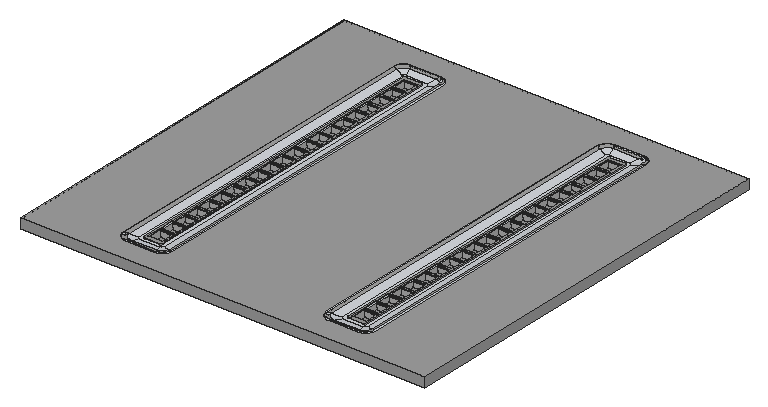
Revit family "0044008 Sylvania Lighting Fixture OptiClip 600 3000K C8 WH CC WHITE", category Lighting Fixtures, host Face, Revit 2016
Family settings
  Host = Face
  Part Type = Normal
  Round Connector Dimension = Use Diameter
  OmniClass Number = 23.80.70.00
  OmniClass Title = Lighting
  Cut with Voids When Loaded = No
  Light Source = Yes
  Shared = No
  Room Calculation Point = No
Parameters (values of type "Type Name")
  spacer height = 5 mm
  spacer centres = 1000 mm
  height = 14.63 mm
  cut out width = 590 mm
  cut out length = 590 mm
  Width = 595 mm
  Weight = ""
  Wattage Comments = ""
  Wattage = 9.2903 W
  WarrantyStartDate [instance] = "n/a"
  WarrantyGuarantorParts = "n/a"
  WarrantyDurationUnit = "n/a"
  WarrantyDurationParts = "n/a"
  WarrantyDescription = "n/a"
  built-in parameter 1150110 = 1 (stored number, unit not read)
  Voltage = 0 V
  URL = "http://www.feilosylvania.com"
  TypeName = ""
  Type Image = <None>
  Type Comments = "n/a"
  built-in parameter 1114217 = 1 (stored number, unit not read)
  Tilt Angle = 90.00°
  built-in parameter 1150109 = 1 (stored number, unit not read)
  built-in parameter 1150134 = 3
  built-in parameter 1150113 = 1 (stored number, unit not read)
  SerialNumber [instance] = "n/a"
  Photometric Web File = "0044008.ies"
  Material_3_FEILO = none
  PowerFactor = 0
  PowerConsumption = ""
  NominalLength = 0 mm
  NominalHeight = 0 mm
  NominalDepth = 0 mm
  Name = ""
  ModelReference = Name  # ""
  ModelNumber = ""
  Model = Name  # ""
  Material = ""
  ManufacturerName = "Feilo Sylvania"
  Manufacturer = "Feilo Sylvania"
  LuminousEfficacy = ""
  built-in parameter 1150105 = 109.82 (stored number, unit not read)
  Lumens = 1380 lm
  LuminaireType = ""
  built-in parameter 1150115 = 1 (stored number, unit not read)
  LightOutputRatio = ""
  built-in parameter 1150137 = (empty or 0)
  built-in parameter 1150139 = (empty or 0)
  Length = 595 mm
  LampsType = Lamp  # ""
  LampNominalLuminous = ""
  LampMacAdamStep = ""
  LampColourTemperature = ""
  LampColourRenderingIndex = ""
  built-in parameter 1150112 = 1 (stored number, unit not read)
  built-in parameter 1150114 = 1 (stored number, unit not read)
  Lamp = ""
  Keynote = "16500"
  InstallationDate [instance] = "n/a"
  InputVoltage = ""
  InputNominalFrequency = ""
  built-in parameter 1150132 = (empty or 0)
  built-in parameter 1150102 = (empty or 0)
  built-in parameter 1150107 = 3200 (stored number, unit not read)
  built-in parameter 1150138 = (empty or 0)
  IngressProtection = ""
  ImpactProtectionIndex = ""
  built-in parameter 1150106 = 1.0982 (stored number, unit not read)
  IfcExportType = "IfcLightFixtureType"
  IfcExportAs = "IfcLightFixtureType"
  Height = 50 mm
  ExpectedLife = 50000
  Emit from Circle Diameter = 609.6 mm
  Emit Shape Visible in Rendering = no
  ElectricShockClassification = ""
  built-in parameter 1150104 = 13.8 (stored number, unit not read)
  DurationUnit = "hours"
  DocumentationLiterature = ""
  DimmingControlOptions = ""
  Material_2_FEILO = none
  Dimming Lamp Color Temperature Shift = <None>
  Description = ""
  Default Elevation = 1219.2 mm
  CreatedOn = ""
  CreatedBy = ""
  Cost = 0
  Color Filter = 16777215
  built-in parameter 1114216 [instance] = (empty or 0)
  ClassificationValue = "EF_70_80"
  ClassificationName = "Uniclass2015"
  Material_1_FEILO = none
  BarCode [instance] = "n/a"
  built-in parameter 1114218 = 1 (stored number, unit not read)
  built-in parameter 1150133 = 10 (stored number, unit not read)
  AssetType = ""
  AssetIdentifier [instance] = "n/a"
  Assembly Code = "D5020200"
  Apparent Load = 0 VA
  Material_4_FEILO = none
Reference planes
  plane 1 "Center (Front/Back)": y = 0
  plane 2: z = 0
  plane 3 "Center (Left/Right)": x = 0
  plane 4: z = 0
  plane 5: y = 297.5
  plane 6: y = -297.5
  plane 7: x = -297.5
  plane 8: x = 297.5
  plane 9: x = -295
  plane 10: x = 295
  plane 11: y = 295
  plane 12: y = -295
  plane 13: z = -14.63
  plane 14: y = 296.5
  plane 15: x = -296.5
  plane 16: x = 296.5
  plane 17: y = -296.5
  plane 18: x = -185
  plane 19: x = -113
  plane 20: y = -246.5
  plane 21: x = -184
  plane 22: y = 262
  plane 23: x = -114
  plane 24: y = -262
  plane 25: y = 245.5
  plane 26: y = -245.345
  plane 27: x = -160
  plane 28: x = -138
  plane 29: y = 236.5
  plane 30: y = -236.345
  plane 31: y = 213.35
  plane 32: y = 212.35
  plane 33: y = 190.95
  plane 34: y = 189.95
  plane 35: y = 168.595
  plane 36: y = 167.595
  plane 37: y = 146.15
  plane 38: y = 145.15
  plane 39: y = 123.75
  plane 40: y = 122.75
  plane 41: y = 101.35
  plane 42: y = 100.35
  plane 43: y = 78.95
  plane 44: y = 77.95
  plane 45: y = 56.576
  plane 46: y = 55.576
  plane 47: y = 34.15
  plane 48: y = 33.15
  plane 49: y = 11.75
  plane 50: y = 10.75
  plane 51: y = -10.65
  plane 52: y = -11.65
  plane 53: y = -33.05
  plane 54: y = -34.05
  plane 55: y = -55.45
  plane 56: y = -56.45
  plane 57: y = -77.805
  plane 58: y = -78.805
  plane 59: y = -100.25
  plane 60: y = -101.25
  plane 61: y = -122.65
  plane 62: y = -123.65
  plane 63: y = -145.05
  plane 64: y = -146.05
  plane 65: y = -167.45
  plane 66: y = -168.416
  plane 67: y = -189.816
  plane 68: y = -190.816
  plane 69: y = -212.216
  plane 70: y = -213.216
  plane 71: y = -234.616
  plane 72: x = -159.5
  plane 73: x = -138.539
  plane 74: y = 230.05
  plane 75: y = 218.05
  plane 76: x = -143.039
  plane 77: x = -155
  plane 78: x = -162.5
  plane 79: x = -135.5
  plane 80: y = 240.5
  plane 81: y = -240.345
  plane 82: y = 238
Forms (mm)
  Extrusion 1, void, detail levels medium+fine
    sketch origin (4.2, 0, 0) x (0, 1, 0) y (1, 0, 0)
      loop
        line (295, -299.2) -> (295, 290.8) -> (-295, 290.8) -> (-295, -299.2) -> (295, -299.2)
    from 0 to 10
  Extrusion 2, solid, material "Default", detail levels medium+fine
    sketch origin (4.2, 0, 0) x (1, 0, 0) y (0, 1, 0)
      loop
        line (-301.7, 297.5) -> (-301.7, -297.5) -> (293.3, -297.5) -> (293.3, 297.5) -> (-301.7, 297.5)
    from 0 to -14.63
  Extrusion 3, void, detail levels medium+fine
    sketch origin (4.2, 0, 0) x (0, 1, 0) y (1, 0, 0)
      loop
        line (296.5, -300.7) -> (296.5, 292.3) -> (-296.5, 292.3) -> (-296.5, -300.7) -> (296.5, -300.7)
    from 1.008 to 14.63
  Blend 4, solid, detail levels medium+fine
    base sketch origin (4.2, 0, 0) x (1, 0, 0) y (0, 1, 0)
      loop
        line (-189.2, 248) -> (-189.2, -248)
        arc (-189.2, -248) -> (-184.807, -258.607) -> (-174.2, -263) r 15
        line (-174.2, -263) -> (-132.2, -263)
        arc (-132.2, -263) -> (-121.593, -258.607) -> (-117.2, -248) r 15
        line (-117.2, -248) -> (-117.2, 248)
        arc (-117.2, 248) -> (-121.593, 258.607) -> (-132.2, 263) r 15
        line (-132.2, 263) -> (-174.2, 263)
        arc (-174.2, 263) -> (-184.807, 258.607) -> (-189.2, 248) r 15
    top sketch origin (4.2, 0, 0) x (1, 0, 0) y (0, 1, 0)
      loop
        line (-172.7, 242.5) -> (-172.7, -242.5)
        arc (-172.7, -242.5) -> (-171.517, -245.34) -> (-168.667, -246.5) r 4
        line (-168.667, -246.5) -> (-137.633, -246.5)
        arc (-137.633, -246.5) -> (-134.828, -245.324) -> (-133.7, -242.5) r 3.934
        line (-133.7, -242.5) -> (-133.7, 242.5)
        arc (-133.7, 242.5) -> (-134.982, 245.439) -> (-138.008, 246.5) r 4.011
        line (-138.008, 246.5) -> (-168.7, 246.5)
        arc (-168.7, 246.5) -> (-171.528, 245.328) -> (-172.7, 242.5) r 4
    from 0 to -4
  Blend 5, void
    base sketch origin (4.2, 0, 0) x (0, 1, 0) y (-1, 0, 0)
      loop
        line (248, 188.2) -> (-248, 188.2)
        arc (-248, 188.2) -> (-257.899, 184.099) -> (-262, 174.2) r 14
        line (-262, 174.2) -> (-262, 132.2)
        arc (-262, 132.2) -> (-257.899, 122.301) -> (-248, 118.2) r 14
        line (-248, 118.2) -> (248, 118.2)
        arc (248, 118.2) -> (257.899, 122.301) -> (262, 132.2) r 14
        line (262, 132.2) -> (262, 174.2)
        arc (262, 174.2) -> (257.899, 184.099) -> (248, 188.2) r 14
    top sketch origin (4.2, 0, 0) x (0, 1, 0) y (-1, 0, 0)
      loop
        line (242.5, 171.7) -> (-242.5, 171.7)
        arc (-242.5, 171.7) -> (-244.579, 170.8) -> (-245.345, 168.667) r 2.851
        line (-245.345, 168.667) -> (-245.345, 137.633)
        arc (-245.345, 137.633) -> (-244.517, 135.59) -> (-242.5, 134.7) r 2.934
        line (-242.5, 134.7) -> (242.5, 134.7)
        arc (242.5, 134.7) -> (244.733, 135.69) -> (245.5, 138.008) r 3.014
        line (245.5, 138.008) -> (245.5, 168.7)
        arc (245.5, 168.7) -> (244.621, 170.821) -> (242.5, 171.7) r 3
    from 0 to -3.5
  Extrusion 6, solid, material "Aluminum 1100-H18", detail levels medium+fine
    sketch origin (4.2, 0, 0) x (1, 0, 0) y (0, 1, 0)
      loop
        line (-164.2, 236.5) -> (-164.2, -236.345) -> (-142.2, -236.345) -> (-142.2, 236.5) -> (-164.2, 236.5)
    from -4 to -14.63
  Extrusion 7, solid, material "Aluminum 1100-H18", detail levels medium+fine
    sketch origin (4.2, 0, 0) x (1, 0, 0) y (0, 1, 0)
      loop
        line (-166.7, 238) -> (-166.7, -238.071)
        arc (-166.7, -238.071) -> (-165.953, -239.761) -> (-164.2, -240.345) r 2.284
        line (-164.2, -240.345) -> (-142.156, -240.345)
        arc (-142.156, -240.345) -> (-140.483, -239.689) -> (-139.7, -238.071) r 2.464
        line (-139.7, -238.071) -> (-139.7, 238)
        arc (-139.7, 238) -> (-140.432, 239.768) -> (-142.2, 240.5) r 2.5
        line (-142.2, 240.5) -> (-164.2, 240.5)
        arc (-164.2, 240.5) -> (-165.968, 239.768) -> (-166.7, 238) r 2.5
    from -3.5 to -2.5
  Blend 8, void
    base sketch origin (4.2, 0, 0) x (0, 1, 0) y (-1, 0, 0)
      loop
        line (234.75, 163.7) -> (213.35, 163.7) -> (213.35, 142.739) -> (234.75, 142.739) -> (234.75, 163.7)
    top sketch origin (4.2, 0, 0) x (0, 1, 0) y (-1, 0, 0)
      loop
        line (230.05, 159.2) -> (218.05, 159.2) -> (218.05, 147.239) -> (230.05, 147.239) -> (230.05, 159.2)
    from -2.5 to -11
  Blend 9, void
    base sketch origin (4.2, -22.4, 0) x (0, 1, 0) y (-1, 0, 0)
      loop
        line (234.75, 163.7) -> (213.35, 163.7) -> (213.35, 142.739) -> (234.75, 142.739) -> (234.75, 163.7)
    top sketch origin (4.2, -22.4, 0) x (0, 1, 0) y (-1, 0, 0)
      loop
        line (230.05, 159.2) -> (218.05, 159.2) -> (218.05, 147.239) -> (230.05, 147.239) -> (230.05, 159.2)
    from -2.5 to -11
  Blend 10, void
    base sketch origin (4.2, -44.8, 0) x (0, 1, 0) y (-1, 0, 0)
      loop
        line (234.75, 163.7) -> (213.35, 163.7) -> (213.35, 142.739) -> (234.75, 142.739) -> (234.75, 163.7)
    top sketch origin (4.2, -44.8, 0) x (0, 1, 0) y (-1, 0, 0)
      loop
        line (230.05, 159.2) -> (218.05, 159.2) -> (218.05, 147.239) -> (230.05, 147.239) -> (230.05, 159.2)
    from -2.5 to -11
  Blend 11, void
    base sketch origin (4.2, -67.155, 0) x (0, 1, 0) y (-1, 0, 0)
      loop
        line (234.75, 163.7) -> (213.35, 163.7) -> (213.35, 142.739) -> (234.75, 142.739) -> (234.75, 163.7)
    top sketch origin (4.2, -67.155, 0) x (0, 1, 0) y (-1, 0, 0)
      loop
        line (230.05, 159.2) -> (218.05, 159.2) -> (218.05, 147.239) -> (230.05, 147.239) -> (230.05, 159.2)
    from -2.5 to -11
  Blend 12, void
    base sketch origin (4.2, -89.6, 0) x (0, 1, 0) y (-1, 0, 0)
      loop
        line (234.75, 163.7) -> (213.35, 163.7) -> (213.35, 142.739) -> (234.75, 142.739) -> (234.75, 163.7)
    top sketch origin (4.2, -89.6, 0) x (0, 1, 0) y (-1, 0, 0)
      loop
        line (230.05, 159.2) -> (218.05, 159.2) -> (218.05, 147.239) -> (230.05, 147.239) -> (230.05, 159.2)
    from -2.5 to -11
  Blend 13, void
    base sketch origin (4.2, -112, 0) x (0, 1, 0) y (-1, 0, 0)
      loop
        line (234.75, 163.7) -> (213.35, 163.7) -> (213.35, 142.739) -> (234.75, 142.739) -> (234.75, 163.7)
    top sketch origin (4.2, -112, 0) x (0, 1, 0) y (-1, 0, 0)
      loop
        line (230.05, 159.2) -> (218.05, 159.2) -> (218.05, 147.239) -> (230.05, 147.239) -> (230.05, 159.2)
    from -2.5 to -11
  Blend 14, void
    base sketch origin (4.2, -134.4, 0) x (0, 1, 0) y (-1, 0, 0)
      loop
        line (234.75, 163.7) -> (213.35, 163.7) -> (213.35, 142.739) -> (234.75, 142.739) -> (234.75, 163.7)
    top sketch origin (4.2, -134.4, 0) x (0, 1, 0) y (-1, 0, 0)
      loop
        line (230.05, 159.2) -> (218.05, 159.2) -> (218.05, 147.239) -> (230.05, 147.239) -> (230.05, 159.2)
    from -2.5 to -11
  Blend 15, void
    base sketch origin (4.2, -156.8, 0) x (0, 1, 0) y (-1, 0, 0)
      loop
        line (234.75, 163.7) -> (213.35, 163.7) -> (213.35, 142.739) -> (234.75, 142.739) -> (234.75, 163.7)
    top sketch origin (4.2, -156.8, 0) x (0, 1, 0) y (-1, 0, 0)
      loop
        line (230.05, 159.2) -> (218.05, 159.2) -> (218.05, 147.239) -> (230.05, 147.239) -> (230.05, 159.2)
    from -2.5 to -11
  Blend 16, void
    base sketch origin (4.2, -179.174, 0) x (0, 1, 0) y (-1, 0, 0)
      loop
        line (234.75, 163.7) -> (213.35, 163.7) -> (213.35, 142.739) -> (234.75, 142.739) -> (234.75, 163.7)
    top sketch origin (4.2, -179.174, 0) x (0, 1, 0) y (-1, 0, 0)
      loop
        line (230.05, 159.2) -> (218.05, 159.2) -> (218.05, 147.239) -> (230.05, 147.239) -> (230.05, 159.2)
    from -2.5 to -11
  Blend 17, void
    base sketch origin (4.2, -201.6, 0) x (0, 1, 0) y (-1, 0, 0)
      loop
        line (234.75, 163.7) -> (213.35, 163.7) -> (213.35, 142.739) -> (234.75, 142.739) -> (234.75, 163.7)
    top sketch origin (4.2, -201.6, 0) x (0, 1, 0) y (-1, 0, 0)
      loop
        line (230.05, 159.2) -> (218.05, 159.2) -> (218.05, 147.239) -> (230.05, 147.239) -> (230.05, 159.2)
    from -2.5 to -11
  Blend 18, void
    base sketch origin (4.2, -224, 0) x (0, 1, 0) y (-1, 0, 0)
      loop
        line (234.75, 163.7) -> (213.35, 163.7) -> (213.35, 142.739) -> (234.75, 142.739) -> (234.75, 163.7)
    top sketch origin (4.2, -224, 0) x (0, 1, 0) y (-1, 0, 0)
      loop
        line (230.05, 159.2) -> (218.05, 159.2) -> (218.05, 147.239) -> (230.05, 147.239) -> (230.05, 159.2)
    from -2.5 to -11
  Blend 19, void
    base sketch origin (4.2, -246.4, 0) x (0, 1, 0) y (-1, 0, 0)
      loop
        line (234.75, 163.7) -> (213.35, 163.7) -> (213.35, 142.739) -> (234.75, 142.739) -> (234.75, 163.7)
    top sketch origin (4.2, -246.4, 0) x (0, 1, 0) y (-1, 0, 0)
      loop
        line (230.05, 159.2) -> (218.05, 159.2) -> (218.05, 147.239) -> (230.05, 147.239) -> (230.05, 159.2)
    from -2.5 to -11
  Blend 20, void
    base sketch origin (4.2, -268.8, 0) x (0, 1, 0) y (-1, 0, 0)
      loop
        line (234.75, 163.7) -> (213.35, 163.7) -> (213.35, 142.739) -> (234.75, 142.739) -> (234.75, 163.7)
    top sketch origin (4.2, -268.8, 0) x (0, 1, 0) y (-1, 0, 0)
      loop
        line (230.05, 159.2) -> (218.05, 159.2) -> (218.05, 147.239) -> (230.05, 147.239) -> (230.05, 159.2)
    from -2.5 to -11
  Blend 21, void
    base sketch origin (4.2, -291.2, 0) x (0, 1, 0) y (-1, 0, 0)
      loop
        line (234.75, 163.7) -> (213.35, 163.7) -> (213.35, 142.739) -> (234.75, 142.739) -> (234.75, 163.7)
    top sketch origin (4.2, -291.2, 0) x (0, 1, 0) y (-1, 0, 0)
      loop
        line (230.05, 159.2) -> (218.05, 159.2) -> (218.05, 147.239) -> (230.05, 147.239) -> (230.05, 159.2)
    from -2.5 to -11
  Blend 22, void
    base sketch origin (4.2, -313.555, 0) x (0, 1, 0) y (-1, 0, 0)
      loop
        line (234.75, 163.7) -> (213.35, 163.7) -> (213.35, 142.739) -> (234.75, 142.739) -> (234.75, 163.7)
    top sketch origin (4.2, -313.555, 0) x (0, 1, 0) y (-1, 0, 0)
      loop
        line (230.05, 159.2) -> (218.05, 159.2) -> (218.05, 147.239) -> (230.05, 147.239) -> (230.05, 159.2)
    from -2.5 to -11
  Blend 23, void
    base sketch origin (4.2, -336, 0) x (0, 1, 0) y (-1, 0, 0)
      loop
        line (234.75, 163.7) -> (213.35, 163.7) -> (213.35, 142.739) -> (234.75, 142.739) -> (234.75, 163.7)
    top sketch origin (4.2, -336, 0) x (0, 1, 0) y (-1, 0, 0)
      loop
        line (230.05, 159.2) -> (218.05, 159.2) -> (218.05, 147.239) -> (230.05, 147.239) -> (230.05, 159.2)
    from -2.5 to -11
  Blend 24, void
    base sketch origin (4.2, -358.4, 0) x (0, 1, 0) y (-1, 0, 0)
      loop
        line (234.75, 163.7) -> (213.35, 163.7) -> (213.35, 142.739) -> (234.75, 142.739) -> (234.75, 163.7)
    top sketch origin (4.2, -358.4, 0) x (0, 1, 0) y (-1, 0, 0)
      loop
        line (230.05, 159.2) -> (218.05, 159.2) -> (218.05, 147.239) -> (230.05, 147.239) -> (230.05, 159.2)
    from -2.5 to -11
  Blend 25, void
    base sketch origin (4.2, -380.8, 0) x (0, 1, 0) y (-1, 0, 0)
      loop
        line (234.75, 163.7) -> (213.35, 163.7) -> (213.35, 142.739) -> (234.75, 142.739) -> (234.75, 163.7)
    top sketch origin (4.2, -380.8, 0) x (0, 1, 0) y (-1, 0, 0)
      loop
        line (230.05, 159.2) -> (218.05, 159.2) -> (218.05, 147.239) -> (230.05, 147.239) -> (230.05, 159.2)
    from -2.5 to -11
  Extrusion 26, solid, material "Glass, White, High Luminance", detail levels fine
    sketch origin (4.2, 0, 0) x (1, 0, 0) y (0, 1, 0)
      loop
        line (-159.2, 230.05) -> (-159.2, 218.05) -> (-147.239, 218.05) -> (-147.239, 230.05) -> (-159.2, 230.05)
    from -11 to -10
  Extrusion 27, solid, material "Glass, White, High Luminance", detail levels fine
    sketch origin (4.2, -22.4, 0) x (1, 0, 0) y (0, 1, 0)
      loop
        line (-159.2, 230.05) -> (-159.2, 218.05) -> (-147.239, 218.05) -> (-147.239, 230.05) -> (-159.2, 230.05)
    from -11 to -10
  Extrusion 28, solid, material "Glass, White, High Luminance", detail levels fine
    sketch origin (4.2, -44.8, 0) x (1, 0, 0) y (0, 1, 0)
      loop
        line (-159.2, 230.05) -> (-159.2, 218.05) -> (-147.239, 218.05) -> (-147.239, 230.05) -> (-159.2, 230.05)
    from -11 to -10
  Extrusion 29, solid, material "Glass, White, High Luminance", detail levels fine
    sketch origin (4.2, -67.155, 0) x (1, 0, 0) y (0, 1, 0)
      loop
        line (-159.2, 230.05) -> (-159.2, 218.05) -> (-147.239, 218.05) -> (-147.239, 230.05) -> (-159.2, 230.05)
    from -11 to -10
  Extrusion 30, solid, material "Glass, White, High Luminance", detail levels fine
    sketch origin (4.2, -89.6, 0) x (1, 0, 0) y (0, 1, 0)
      loop
        line (-159.2, 230.05) -> (-159.2, 218.05) -> (-147.239, 218.05) -> (-147.239, 230.05) -> (-159.2, 230.05)
    from -11 to -10
  Extrusion 31, solid, material "Glass, White, High Luminance", detail levels fine
    sketch origin (4.2, -112, 0) x (1, 0, 0) y (0, 1, 0)
      loop
        line (-159.2, 230.05) -> (-159.2, 218.05) -> (-147.239, 218.05) -> (-147.239, 230.05) -> (-159.2, 230.05)
    from -11 to -10
  Extrusion 32, solid, material "Glass, White, High Luminance", detail levels fine
    sketch origin (4.2, -134.4, 0) x (1, 0, 0) y (0, 1, 0)
      loop
        line (-159.2, 230.05) -> (-159.2, 218.05) -> (-147.239, 218.05) -> (-147.239, 230.05) -> (-159.2, 230.05)
    from -11 to -10
  Extrusion 33, solid, material "Glass, White, High Luminance", detail levels fine
    sketch origin (4.2, -156.8, 0) x (1, 0, 0) y (0, 1, 0)
      loop
        line (-159.2, 230.05) -> (-159.2, 218.05) -> (-147.239, 218.05) -> (-147.239, 230.05) -> (-159.2, 230.05)
    from -11 to -10
  Extrusion 34, solid, material "Glass, White, High Luminance", detail levels fine
    sketch origin (4.2, -179.174, 0) x (1, 0, 0) y (0, 1, 0)
      loop
        line (-159.2, 230.05) -> (-159.2, 218.05) -> (-147.239, 218.05) -> (-147.239, 230.05) -> (-159.2, 230.05)
    from -11 to -10
  Extrusion 35, solid, material "Glass, White, High Luminance", detail levels fine
    sketch origin (4.2, -201.6, 0) x (1, 0, 0) y (0, 1, 0)
      loop
        line (-159.2, 230.05) -> (-159.2, 218.05) -> (-147.239, 218.05) -> (-147.239, 230.05) -> (-159.2, 230.05)
    from -11 to -10
  Extrusion 36, solid, material "Glass, White, High Luminance", detail levels fine
    sketch origin (4.2, -224, 0) x (1, 0, 0) y (0, 1, 0)
      loop
        line (-159.2, 230.05) -> (-159.2, 218.05) -> (-147.239, 218.05) -> (-147.239, 230.05) -> (-159.2, 230.05)
    from -11 to -10
  Extrusion 37, solid, material "Glass, White, High Luminance", detail levels fine
    sketch origin (4.2, -246.4, 0) x (1, 0, 0) y (0, 1, 0)
      loop
        line (-159.2, 230.05) -> (-159.2, 218.05) -> (-147.239, 218.05) -> (-147.239, 230.05) -> (-159.2, 230.05)
    from -11 to -10
  Extrusion 38, solid, material "Glass, White, High Luminance", detail levels fine
    sketch origin (4.2, -268.8, 0) x (1, 0, 0) y (0, 1, 0)
      loop
        line (-159.2, 230.05) -> (-159.2, 218.05) -> (-147.239, 218.05) -> (-147.239, 230.05) -> (-159.2, 230.05)
    from -11 to -10
  Extrusion 39, solid, material "Glass, White, High Luminance", detail levels fine
    sketch origin (4.2, -291.2, 0) x (1, 0, 0) y (0, 1, 0)
      loop
        line (-159.2, 230.05) -> (-159.2, 218.05) -> (-147.239, 218.05) -> (-147.239, 230.05) -> (-159.2, 230.05)
    from -11 to -10
  Extrusion 40, solid, material "Glass, White, High Luminance", detail levels fine
    sketch origin (4.2, -313.555, 0) x (1, 0, 0) y (0, 1, 0)
      loop
        line (-159.2, 230.05) -> (-159.2, 218.05) -> (-147.239, 218.05) -> (-147.239, 230.05) -> (-159.2, 230.05)
    from -11 to -10
  Extrusion 41, solid, material "Glass, White, High Luminance", detail levels fine
    sketch origin (4.2, -336, 0) x (1, 0, 0) y (0, 1, 0)
      loop
        line (-159.2, 230.05) -> (-159.2, 218.05) -> (-147.239, 218.05) -> (-147.239, 230.05) -> (-159.2, 230.05)
    from -11 to -10
  Extrusion 42, solid, material "Glass, White, High Luminance", detail levels fine
    sketch origin (4.2, -358.4, 0) x (1, 0, 0) y (0, 1, 0)
      loop
        line (-159.2, 230.05) -> (-159.2, 218.05) -> (-147.239, 218.05) -> (-147.239, 230.05) -> (-159.2, 230.05)
    from -11 to -10
  Extrusion 43, solid, material "Glass, White, High Luminance", detail levels fine
    sketch origin (4.2, -380.8, 0) x (1, 0, 0) y (0, 1, 0)
      loop
        line (-159.2, 230.05) -> (-159.2, 218.05) -> (-147.239, 218.05) -> (-147.239, 230.05) -> (-159.2, 230.05)
    from -11 to -10
  Extrusion 44, solid, material "Glass, White, High Luminance", detail levels fine
    sketch origin (3.419, -403.166, 0) x (1, 0, 0) y (0, 1, 0)
      loop
        line (-158.419, 230.05) -> (-158.419, 218.05) -> (-146.458, 218.05) -> (-146.458, 230.05) -> (-158.419, 230.05)
    from -11 to -10
  Extrusion 45, solid, material "Glass, White, High Luminance", detail levels fine
    sketch origin (3.419, -425.566, 0) x (1, 0, 0) y (0, 1, 0)
      loop
        line (-158.419, 230.05) -> (-158.419, 218.05) -> (-146.458, 218.05) -> (-146.458, 230.05) -> (-158.419, 230.05)
    from -11 to -10
  Extrusion 46, solid, material "Glass, White, High Luminance", detail levels fine
    sketch origin (3.419, -447.966, 0) x (1, 0, 0) y (0, 1, 0)
      loop
        line (-158.419, 230.05) -> (-158.419, 218.05) -> (-146.458, 218.05) -> (-146.458, 230.05) -> (-158.419, 230.05)
    from -11 to -10
  Blend 47, solid, detail levels medium+fine
    base sketch origin (303.2, 0, 0) x (1, 0, 0) y (0, 1, 0)
      loop
        line (-189.2, 248) -> (-189.2, -248)
        arc (-189.2, -248) -> (-184.807, -258.607) -> (-174.2, -263) r 15
        line (-174.2, -263) -> (-132.2, -263)
        arc (-132.2, -263) -> (-121.593, -258.607) -> (-117.2, -248) r 15
        line (-117.2, -248) -> (-117.2, 248)
        arc (-117.2, 248) -> (-121.593, 258.607) -> (-132.2, 263) r 15
        line (-132.2, 263) -> (-174.2, 263)
        arc (-174.2, 263) -> (-184.807, 258.607) -> (-189.2, 248) r 15
    top sketch origin (303.2, 0, 0) x (1, 0, 0) y (0, 1, 0)
      loop
        line (-172.7, 242.5) -> (-172.7, -242.5)
        arc (-172.7, -242.5) -> (-171.517, -245.34) -> (-168.667, -246.5) r 4
        line (-168.667, -246.5) -> (-137.633, -246.5)
        arc (-137.633, -246.5) -> (-134.828, -245.324) -> (-133.7, -242.5) r 3.934
        line (-133.7, -242.5) -> (-133.7, 242.5)
        arc (-133.7, 242.5) -> (-134.982, 245.439) -> (-138.008, 246.5) r 4.011
        line (-138.008, 246.5) -> (-168.7, 246.5)
        arc (-168.7, 246.5) -> (-171.528, 245.328) -> (-172.7, 242.5) r 4
    from 0 to -4
  Blend 48, void
    base sketch origin (303.2, 0, 0) x (0, 1, 0) y (-1, 0, 0)
      loop
        line (248, 188.2) -> (-248, 188.2)
        arc (-248, 188.2) -> (-257.899, 184.099) -> (-262, 174.2) r 14
        line (-262, 174.2) -> (-262, 132.2)
        arc (-262, 132.2) -> (-257.899, 122.301) -> (-248, 118.2) r 14
        line (-248, 118.2) -> (248, 118.2)
        arc (248, 118.2) -> (257.899, 122.301) -> (262, 132.2) r 14
        line (262, 132.2) -> (262, 174.2)
        arc (262, 174.2) -> (257.899, 184.099) -> (248, 188.2) r 14
    top sketch origin (303.2, 0, 0) x (0, 1, 0) y (-1, 0, 0)
      loop
        line (242.5, 171.7) -> (-242.5, 171.7)
        arc (-242.5, 171.7) -> (-244.579, 170.8) -> (-245.345, 168.667) r 2.851
        line (-245.345, 168.667) -> (-245.345, 137.633)
        arc (-245.345, 137.633) -> (-244.517, 135.59) -> (-242.5, 134.7) r 2.934
        line (-242.5, 134.7) -> (242.5, 134.7)
        arc (242.5, 134.7) -> (244.733, 135.69) -> (245.5, 138.008) r 3.014
        line (245.5, 138.008) -> (245.5, 168.7)
        arc (245.5, 168.7) -> (244.621, 170.821) -> (242.5, 171.7) r 3
    from 0 to -3.5
  Extrusion 49, solid, material "Aluminum 1100-H18", detail levels medium+fine
    sketch origin (304.2, 0, 0) x (1, 0, 0) y (0, 1, 0)
      loop
        line (-164.2, 236.5) -> (-164.2, -236.345) -> (-142.2, -236.345) -> (-142.2, 236.5) -> (-164.2, 236.5)
    from -4 to -14.63
  Blend 50, void
    base sketch origin (4.2, -403.166, 0) x (0, 1, 0) y (-1, 0, 0)
      loop
        line (234.75, 163.7) -> (213.35, 163.7) -> (213.35, 142.739) -> (234.75, 142.739) -> (234.75, 163.7)
    top sketch origin (4.2, -403.166, 0) x (0, 1, 0) y (-1, 0, 0)
      loop
        line (230.05, 159.2) -> (218.05, 159.2) -> (218.05, 147.239) -> (230.05, 147.239) -> (230.05, 159.2)
    from -2.5 to -11
  Blend 51, void
    base sketch origin (4.2, -425.566, 0) x (0, 1, 0) y (-1, 0, 0)
      loop
        line (234.75, 163.7) -> (213.35, 163.7) -> (213.35, 142.739) -> (234.75, 142.739) -> (234.75, 163.7)
    top sketch origin (4.2, -425.566, 0) x (0, 1, 0) y (-1, 0, 0)
      loop
        line (230.05, 159.2) -> (218.05, 159.2) -> (218.05, 147.239) -> (230.05, 147.239) -> (230.05, 159.2)
    from -2.5 to -11
  Blend 52, void
    base sketch origin (4.2, -447.966, 0) x (0, 1, 0) y (-1, 0, 0)
      loop
        line (234.75, 163.7) -> (213.35, 163.7) -> (213.35, 142.739) -> (234.75, 142.739) -> (234.75, 163.7)
    top sketch origin (4.2, -447.966, 0) x (0, 1, 0) y (-1, 0, 0)
      loop
        line (230.05, 159.2) -> (218.05, 159.2) -> (218.05, 147.239) -> (230.05, 147.239) -> (230.05, 159.2)
    from -2.5 to -11
  Extrusion 53, solid, material "Aluminum 1100-H18", detail levels medium+fine
    sketch origin (304.2, 0, 0) x (1, 0, 0) y (0, 1, 0)
      loop
        line (-166.7, 238) -> (-166.7, -238.071)
        arc (-166.7, -238.071) -> (-165.953, -239.761) -> (-164.2, -240.345) r 2.284
        line (-164.2, -240.345) -> (-142.156, -240.345)
        arc (-142.156, -240.345) -> (-140.483, -239.689) -> (-139.7, -238.071) r 2.464
        line (-139.7, -238.071) -> (-139.7, 238)
        arc (-139.7, 238) -> (-140.432, 239.768) -> (-142.2, 240.5) r 2.5
        line (-142.2, 240.5) -> (-164.2, 240.5)
        arc (-164.2, 240.5) -> (-165.968, 239.768) -> (-166.7, 238) r 2.5
    from -3.5 to -2.5
  Blend 54, void
    base sketch origin (304.2, 0, 0) x (0, 1, 0) y (-1, 0, 0)
      loop
        line (234.75, 163.7) -> (213.35, 163.7) -> (213.35, 142.739) -> (234.75, 142.739) -> (234.75, 163.7)
    top sketch origin (304.2, 0, 0) x (0, 1, 0) y (-1, 0, 0)
      loop
        line (230.05, 159.2) -> (218.05, 159.2) -> (218.05, 147.239) -> (230.05, 147.239) -> (230.05, 159.2)
    from -2.5 to -11
  Blend 55, void
    base sketch origin (304.2, -22.4, 0) x (0, 1, 0) y (-1, 0, 0)
      loop
        line (234.75, 163.7) -> (213.35, 163.7) -> (213.35, 142.739) -> (234.75, 142.739) -> (234.75, 163.7)
    top sketch origin (304.2, -22.4, 0) x (0, 1, 0) y (-1, 0, 0)
      loop
        line (230.05, 159.2) -> (218.05, 159.2) -> (218.05, 147.239) -> (230.05, 147.239) -> (230.05, 159.2)
    from -2.5 to -11
  Blend 56, void
    base sketch origin (304.2, -44.8, 0) x (0, 1, 0) y (-1, 0, 0)
      loop
        line (234.75, 163.7) -> (213.35, 163.7) -> (213.35, 142.739) -> (234.75, 142.739) -> (234.75, 163.7)
    top sketch origin (304.2, -44.8, 0) x (0, 1, 0) y (-1, 0, 0)
      loop
        line (230.05, 159.2) -> (218.05, 159.2) -> (218.05, 147.239) -> (230.05, 147.239) -> (230.05, 159.2)
    from -2.5 to -11
  Blend 57, void
    base sketch origin (304.2, -67.155, 0) x (0, 1, 0) y (-1, 0, 0)
      loop
        line (234.75, 163.7) -> (213.35, 163.7) -> (213.35, 142.739) -> (234.75, 142.739) -> (234.75, 163.7)
    top sketch origin (304.2, -67.155, 0) x (0, 1, 0) y (-1, 0, 0)
      loop
        line (230.05, 159.2) -> (218.05, 159.2) -> (218.05, 147.239) -> (230.05, 147.239) -> (230.05, 159.2)
    from -2.5 to -11
  Blend 58, void
    base sketch origin (304.2, -89.6, 0) x (0, 1, 0) y (-1, 0, 0)
      loop
        line (234.75, 163.7) -> (213.35, 163.7) -> (213.35, 142.739) -> (234.75, 142.739) -> (234.75, 163.7)
    top sketch origin (304.2, -89.6, 0) x (0, 1, 0) y (-1, 0, 0)
      loop
        line (230.05, 159.2) -> (218.05, 159.2) -> (218.05, 147.239) -> (230.05, 147.239) -> (230.05, 159.2)
    from -2.5 to -11
  Blend 59, void
    base sketch origin (304.2, -112, 0) x (0, 1, 0) y (-1, 0, 0)
      loop
        line (234.75, 163.7) -> (213.35, 163.7) -> (213.35, 142.739) -> (234.75, 142.739) -> (234.75, 163.7)
    top sketch origin (304.2, -112, 0) x (0, 1, 0) y (-1, 0, 0)
      loop
        line (230.05, 159.2) -> (218.05, 159.2) -> (218.05, 147.239) -> (230.05, 147.239) -> (230.05, 159.2)
    from -2.5 to -11
  Blend 60, void
    base sketch origin (304.2, -134.4, 0) x (0, 1, 0) y (-1, 0, 0)
      loop
        line (234.75, 163.7) -> (213.35, 163.7) -> (213.35, 142.739) -> (234.75, 142.739) -> (234.75, 163.7)
    top sketch origin (304.2, -134.4, 0) x (0, 1, 0) y (-1, 0, 0)
      loop
        line (230.05, 159.2) -> (218.05, 159.2) -> (218.05, 147.239) -> (230.05, 147.239) -> (230.05, 159.2)
    from -2.5 to -11
  Blend 61, void
    base sketch origin (304.2, -156.8, 0) x (0, 1, 0) y (-1, 0, 0)
      loop
        line (234.75, 163.7) -> (213.35, 163.7) -> (213.35, 142.739) -> (234.75, 142.739) -> (234.75, 163.7)
    top sketch origin (304.2, -156.8, 0) x (0, 1, 0) y (-1, 0, 0)
      loop
        line (230.05, 159.2) -> (218.05, 159.2) -> (218.05, 147.239) -> (230.05, 147.239) -> (230.05, 159.2)
    from -2.5 to -11
  Blend 62, void
    base sketch origin (304.2, -179.174, 0) x (0, 1, 0) y (-1, 0, 0)
      loop
        line (234.75, 163.7) -> (213.35, 163.7) -> (213.35, 142.739) -> (234.75, 142.739) -> (234.75, 163.7)
    top sketch origin (304.2, -179.174, 0) x (0, 1, 0) y (-1, 0, 0)
      loop
        line (230.05, 159.2) -> (218.05, 159.2) -> (218.05, 147.239) -> (230.05, 147.239) -> (230.05, 159.2)
    from -2.5 to -11
  Blend 63, void
    base sketch origin (304.2, -201.6, 0) x (0, 1, 0) y (-1, 0, 0)
      loop
        line (234.75, 163.7) -> (213.35, 163.7) -> (213.35, 142.739) -> (234.75, 142.739) -> (234.75, 163.7)
    top sketch origin (304.2, -201.6, 0) x (0, 1, 0) y (-1, 0, 0)
      loop
        line (230.05, 159.2) -> (218.05, 159.2) -> (218.05, 147.239) -> (230.05, 147.239) -> (230.05, 159.2)
    from -2.5 to -11
  Blend 64, void
    base sketch origin (304.2, -224, 0) x (0, 1, 0) y (-1, 0, 0)
      loop
        line (234.75, 163.7) -> (213.35, 163.7) -> (213.35, 142.739) -> (234.75, 142.739) -> (234.75, 163.7)
    top sketch origin (304.2, -224, 0) x (0, 1, 0) y (-1, 0, 0)
      loop
        line (230.05, 159.2) -> (218.05, 159.2) -> (218.05, 147.239) -> (230.05, 147.239) -> (230.05, 159.2)
    from -2.5 to -11
  Blend 65, void
    base sketch origin (304.2, -246.4, 0) x (0, 1, 0) y (-1, 0, 0)
      loop
        line (234.75, 163.7) -> (213.35, 163.7) -> (213.35, 142.739) -> (234.75, 142.739) -> (234.75, 163.7)
    top sketch origin (304.2, -246.4, 0) x (0, 1, 0) y (-1, 0, 0)
      loop
        line (230.05, 159.2) -> (218.05, 159.2) -> (218.05, 147.239) -> (230.05, 147.239) -> (230.05, 159.2)
    from -2.5 to -11
  Blend 66, void
    base sketch origin (304.2, -268.8, 0) x (0, 1, 0) y (-1, 0, 0)
      loop
        line (234.75, 163.7) -> (213.35, 163.7) -> (213.35, 142.739) -> (234.75, 142.739) -> (234.75, 163.7)
    top sketch origin (304.2, -268.8, 0) x (0, 1, 0) y (-1, 0, 0)
      loop
        line (230.05, 159.2) -> (218.05, 159.2) -> (218.05, 147.239) -> (230.05, 147.239) -> (230.05, 159.2)
    from -2.5 to -11
  Blend 67, void
    base sketch origin (304.2, -291.2, 0) x (0, 1, 0) y (-1, 0, 0)
      loop
        line (234.75, 163.7) -> (213.35, 163.7) -> (213.35, 142.739) -> (234.75, 142.739) -> (234.75, 163.7)
    top sketch origin (304.2, -291.2, 0) x (0, 1, 0) y (-1, 0, 0)
      loop
        line (230.05, 159.2) -> (218.05, 159.2) -> (218.05, 147.239) -> (230.05, 147.239) -> (230.05, 159.2)
    from -2.5 to -11
  Blend 68, void
    base sketch origin (304.2, -313.555, 0) x (0, 1, 0) y (-1, 0, 0)
      loop
        line (234.75, 163.7) -> (213.35, 163.7) -> (213.35, 142.739) -> (234.75, 142.739) -> (234.75, 163.7)
    top sketch origin (304.2, -313.555, 0) x (0, 1, 0) y (-1, 0, 0)
      loop
        line (230.05, 159.2) -> (218.05, 159.2) -> (218.05, 147.239) -> (230.05, 147.239) -> (230.05, 159.2)
    from -2.5 to -11
  Blend 69, void
    base sketch origin (304.2, -336, 0) x (0, 1, 0) y (-1, 0, 0)
      loop
        line (234.75, 163.7) -> (213.35, 163.7) -> (213.35, 142.739) -> (234.75, 142.739) -> (234.75, 163.7)
    top sketch origin (304.2, -336, 0) x (0, 1, 0) y (-1, 0, 0)
      loop
        line (230.05, 159.2) -> (218.05, 159.2) -> (218.05, 147.239) -> (230.05, 147.239) -> (230.05, 159.2)
    from -2.5 to -11
  Blend 70, void
    base sketch origin (304.2, -358.4, 0) x (0, 1, 0) y (-1, 0, 0)
      loop
        line (234.75, 163.7) -> (213.35, 163.7) -> (213.35, 142.739) -> (234.75, 142.739) -> (234.75, 163.7)
    top sketch origin (304.2, -358.4, 0) x (0, 1, 0) y (-1, 0, 0)
      loop
        line (230.05, 159.2) -> (218.05, 159.2) -> (218.05, 147.239) -> (230.05, 147.239) -> (230.05, 159.2)
    from -2.5 to -11
  Blend 71, void
    base sketch origin (304.2, -380.8, 0) x (0, 1, 0) y (-1, 0, 0)
      loop
        line (234.75, 163.7) -> (213.35, 163.7) -> (213.35, 142.739) -> (234.75, 142.739) -> (234.75, 163.7)
    top sketch origin (304.2, -380.8, 0) x (0, 1, 0) y (-1, 0, 0)
      loop
        line (230.05, 159.2) -> (218.05, 159.2) -> (218.05, 147.239) -> (230.05, 147.239) -> (230.05, 159.2)
    from -2.5 to -11
  Blend 72, void
    base sketch origin (304.2, -403.166, 0) x (0, 1, 0) y (-1, 0, 0)
      loop
        line (234.75, 163.7) -> (213.35, 163.7) -> (213.35, 142.739) -> (234.75, 142.739) -> (234.75, 163.7)
    top sketch origin (304.2, -403.166, 0) x (0, 1, 0) y (-1, 0, 0)
      loop
        line (230.05, 159.2) -> (218.05, 159.2) -> (218.05, 147.239) -> (230.05, 147.239) -> (230.05, 159.2)
    from -2.5 to -11
  Blend 73, void
    base sketch origin (304.2, -425.566, 0) x (0, 1, 0) y (-1, 0, 0)
      loop
        line (234.75, 163.7) -> (213.35, 163.7) -> (213.35, 142.739) -> (234.75, 142.739) -> (234.75, 163.7)
    top sketch origin (304.2, -425.566, 0) x (0, 1, 0) y (-1, 0, 0)
      loop
        line (230.05, 159.2) -> (218.05, 159.2) -> (218.05, 147.239) -> (230.05, 147.239) -> (230.05, 159.2)
    from -2.5 to -11
  Blend 74, void
    base sketch origin (304.2, -447.966, 0) x (0, 1, 0) y (-1, 0, 0)
      loop
        line (234.75, 163.7) -> (213.35, 163.7) -> (213.35, 142.739) -> (234.75, 142.739) -> (234.75, 163.7)
    top sketch origin (304.2, -447.966, 0) x (0, 1, 0) y (-1, 0, 0)
      loop
        line (230.05, 159.2) -> (218.05, 159.2) -> (218.05, 147.239) -> (230.05, 147.239) -> (230.05, 159.2)
    from -2.5 to -11
  Extrusion 75, solid, material "Glass, White, High Luminance", detail levels fine
    sketch origin (304.2, 0, 0) x (1, 0, 0) y (0, 1, 0)
      loop
        line (-159.2, 230.05) -> (-159.2, 218.05) -> (-147.239, 218.05) -> (-147.239, 230.05) -> (-159.2, 230.05)
    from -11 to -10
  Extrusion 76, solid, material "Glass, White, High Luminance", detail levels fine
    sketch origin (304.2, -22.4, 0) x (1, 0, 0) y (0, 1, 0)
      loop
        line (-159.2, 230.05) -> (-159.2, 218.05) -> (-147.239, 218.05) -> (-147.239, 230.05) -> (-159.2, 230.05)
    from -11 to -10
  Extrusion 77, solid, material "Glass, White, High Luminance", detail levels fine
    sketch origin (304.2, -44.8, 0) x (1, 0, 0) y (0, 1, 0)
      loop
        line (-159.2, 230.05) -> (-159.2, 218.05) -> (-147.239, 218.05) -> (-147.239, 230.05) -> (-159.2, 230.05)
    from -11 to -10
  Extrusion 78, solid, material "Glass, White, High Luminance", detail levels fine
    sketch origin (304.2, -67.155, 0) x (1, 0, 0) y (0, 1, 0)
      loop
        line (-159.2, 230.05) -> (-159.2, 218.05) -> (-147.239, 218.05) -> (-147.239, 230.05) -> (-159.2, 230.05)
    from -11 to -10
  Extrusion 79, solid, material "Glass, White, High Luminance", detail levels fine
    sketch origin (304.2, -89.6, 0) x (1, 0, 0) y (0, 1, 0)
      loop
        line (-159.2, 230.05) -> (-159.2, 218.05) -> (-147.239, 218.05) -> (-147.239, 230.05) -> (-159.2, 230.05)
    from -11 to -10
  Extrusion 80, solid, material "Glass, White, High Luminance", detail levels fine
    sketch origin (304.2, -112, 0) x (1, 0, 0) y (0, 1, 0)
      loop
        line (-159.2, 230.05) -> (-159.2, 218.05) -> (-147.239, 218.05) -> (-147.239, 230.05) -> (-159.2, 230.05)
    from -11 to -10
  Extrusion 81, solid, material "Glass, White, High Luminance", detail levels fine
    sketch origin (304.2, -134.4, 0) x (1, 0, 0) y (0, 1, 0)
      loop
        line (-159.2, 230.05) -> (-159.2, 218.05) -> (-147.239, 218.05) -> (-147.239, 230.05) -> (-159.2, 230.05)
    from -11 to -10
  Extrusion 82, solid, material "Glass, White, High Luminance", detail levels fine
    sketch origin (304.2, -156.8, 0) x (1, 0, 0) y (0, 1, 0)
      loop
        line (-159.2, 230.05) -> (-159.2, 218.05) -> (-147.239, 218.05) -> (-147.239, 230.05) -> (-159.2, 230.05)
    from -11 to -10
  Extrusion 83, solid, material "Glass, White, High Luminance", detail levels fine
    sketch origin (304.2, -179.174, 0) x (1, 0, 0) y (0, 1, 0)
      loop
        line (-159.2, 230.05) -> (-159.2, 218.05) -> (-147.239, 218.05) -> (-147.239, 230.05) -> (-159.2, 230.05)
    from -11 to -10
  Extrusion 84, solid, material "Glass, White, High Luminance", detail levels fine
    sketch origin (304.2, -201.6, 0) x (1, 0, 0) y (0, 1, 0)
      loop
        line (-159.2, 230.05) -> (-159.2, 218.05) -> (-147.239, 218.05) -> (-147.239, 230.05) -> (-159.2, 230.05)
    from -11 to -10
  Extrusion 85, solid, material "Glass, White, High Luminance", detail levels fine
    sketch origin (304.2, -224, 0) x (1, 0, 0) y (0, 1, 0)
      loop
        line (-159.2, 230.05) -> (-159.2, 218.05) -> (-147.239, 218.05) -> (-147.239, 230.05) -> (-159.2, 230.05)
    from -11 to -10
  Extrusion 86, solid, material "Glass, White, High Luminance", detail levels fine
    sketch origin (304.2, -246.4, 0) x (1, 0, 0) y (0, 1, 0)
      loop
        line (-159.2, 230.05) -> (-159.2, 218.05) -> (-147.239, 218.05) -> (-147.239, 230.05) -> (-159.2, 230.05)
    from -11 to -10
  Extrusion 87, solid, material "Glass, White, High Luminance", detail levels fine
    sketch origin (304.2, -268.8, 0) x (1, 0, 0) y (0, 1, 0)
      loop
        line (-159.2, 230.05) -> (-159.2, 218.05) -> (-147.239, 218.05) -> (-147.239, 230.05) -> (-159.2, 230.05)
    from -11 to -10
  Extrusion 88, solid, material "Glass, White, High Luminance", detail levels fine
    sketch origin (304.2, -291.2, 0) x (1, 0, 0) y (0, 1, 0)
      loop
        line (-159.2, 230.05) -> (-159.2, 218.05) -> (-147.239, 218.05) -> (-147.239, 230.05) -> (-159.2, 230.05)
    from -11 to -10
  Extrusion 89, solid, material "Glass, White, High Luminance", detail levels fine
    sketch origin (304.2, -313.555, 0) x (1, 0, 0) y (0, 1, 0)
      loop
        line (-159.2, 230.05) -> (-159.2, 218.05) -> (-147.239, 218.05) -> (-147.239, 230.05) -> (-159.2, 230.05)
    from -11 to -10
  Extrusion 90, solid, material "Glass, White, High Luminance", detail levels fine
    sketch origin (304.2, -336, 0) x (1, 0, 0) y (0, 1, 0)
      loop
        line (-159.2, 230.05) -> (-159.2, 218.05) -> (-147.239, 218.05) -> (-147.239, 230.05) -> (-159.2, 230.05)
    from -11 to -10
  Extrusion 91, solid, material "Glass, White, High Luminance", detail levels fine
    sketch origin (304.2, -358.4, 0) x (1, 0, 0) y (0, 1, 0)
      loop
        line (-159.2, 230.05) -> (-159.2, 218.05) -> (-147.239, 218.05) -> (-147.239, 230.05) -> (-159.2, 230.05)
    from -11 to -10
  Extrusion 92, solid, material "Glass, White, High Luminance", detail levels fine
    sketch origin (304.2, -380.8, 0) x (1, 0, 0) y (0, 1, 0)
      loop
        line (-159.2, 230.05) -> (-159.2, 218.05) -> (-147.239, 218.05) -> (-147.239, 230.05) -> (-159.2, 230.05)
    from -11 to -10
  Extrusion 93, solid, material "Glass, White, High Luminance", detail levels fine
    sketch origin (303.419, -403.166, 0) x (1, 0, 0) y (0, 1, 0)
      loop
        line (-158.419, 230.05) -> (-158.419, 218.05) -> (-146.458, 218.05) -> (-146.458, 230.05) -> (-158.419, 230.05)
    from -11 to -10
  Extrusion 94, solid, material "Glass, White, High Luminance", detail levels fine
    sketch origin (303.419, -425.566, 0) x (1, 0, 0) y (0, 1, 0)
      loop
        line (-158.419, 230.05) -> (-158.419, 218.05) -> (-146.458, 218.05) -> (-146.458, 230.05) -> (-158.419, 230.05)
    from -11 to -10
  Extrusion 95, solid, material "Glass, White, High Luminance", detail levels fine
    sketch origin (303.419, -447.966, 0) x (1, 0, 0) y (0, 1, 0)
      loop
        line (-158.419, 230.05) -> (-158.419, 218.05) -> (-146.458, 218.05) -> (-146.458, 230.05) -> (-158.419, 230.05)
    from -11 to -10
  Extrusion 96, solid, detail levels coarse
    sketch origin (4.2, 0, 0) x (1, 0, 0) y (0, 1, 0)
      loop
        line (-301.7, 297.5) -> (-301.7, -297.5) -> (293.3, -297.5) -> (293.3, 297.5) -> (-301.7, 297.5)
    from -14.63 to 0
Cuts and joins
  Extrusion 3, Blend 5, Blend 48 cuts Extrusion 2
  Blend 5, Blend 8, Blend 9, Blend 10, Blend 11, Blend 12, Blend 13, Blend 14, Blend 15, Blend 16, Blend 17, Blend 18, Blend 19, Blend 20, Blend 21, Blend 22, Blend 23, Blend 24, Blend 25, Blend 50, Blend 51, Blend 52, Blend 54, Blend 55, Blend 56, Blend 57, Blend 58, Blend 59, Blend 60, Blend 61, Blend 62, Blend 63, Blend 64, Blend 65, Blend 66, Blend 67, Blend 68, Blend 69, Blend 70, Blend 71, Blend 72, Blend 73, Blend 74 cuts Blend 4
  Blend 8, Blend 9, Blend 10, Blend 11, Blend 12, Blend 13, Blend 14, Blend 15, Blend 16, Blend 17, Blend 18, Blend 19, Blend 20, Blend 21, Blend 22, Blend 23, Blend 24, Blend 25, Blend 48, Blend 50, Blend 51, Blend 52, Blend 54, Blend 55, Blend 56, Blend 57, Blend 58, Blend 59, Blend 60, Blend 61, Blend 62, Blend 63, Blend 64, Blend 65, Blend 66, Blend 67, Blend 68, Blend 69, Blend 70, Blend 71, Blend 72, Blend 73, Blend 74 cuts Extrusion 6
  Blend 8, Blend 9, Blend 10, Blend 11, Blend 12, Blend 13, Blend 14, Blend 15, Blend 16, Blend 17, Blend 18, Blend 19, Blend 20, Blend 21, Blend 22, Blend 23, Blend 24, Blend 25, Blend 48, Blend 50, Blend 51, Blend 52, Blend 54, Blend 55, Blend 56, Blend 57, Blend 58, Blend 59, Blend 60, Blend 61, Blend 62, Blend 63, Blend 64, Blend 65, Blend 66, Blend 67, Blend 68, Blend 69, Blend 70, Blend 71, Blend 72, Blend 73, Blend 74 cuts Extrusion 7
  joined: Extrusion 6, Extrusion 7
  Blend 48, Blend 54, Blend 55, Blend 56, Blend 57, Blend 58, Blend 59, Blend 60, Blend 61, Blend 62, Blend 63, Blend 64, Blend 65, Blend 66, Blend 67, Blend 68, Blend 69, Blend 70, Blend 71, Blend 72, Blend 73, Blend 74 cuts Blend 47
  Blend 50, Blend 71 cuts Extrusion 43
  Blend 51, Blend 72 cuts Extrusion 44
  Blend 52, Blend 73 cuts Extrusion 45
  Blend 54 cuts Extrusion 26
  Blend 55 cuts Extrusion 27
  Blend 56 cuts Extrusion 28
  Blend 57 cuts Extrusion 29
  Blend 58 cuts Extrusion 30
  Blend 59 cuts Extrusion 31
  Blend 60 cuts Extrusion 32
  Blend 61 cuts Extrusion 33
  Blend 62 cuts Extrusion 34
  Blend 63 cuts Extrusion 35
  Blend 64 cuts Extrusion 36
  Blend 65 cuts Extrusion 37
  Blend 66 cuts Extrusion 38
  Blend 67 cuts Extrusion 39
  Blend 68 cuts Extrusion 40
  Blend 69 cuts Extrusion 41
  Blend 70 cuts Extrusion 42
  Blend 74 cuts Extrusion 46
  Blend 48, Blend 54, Blend 55, Blend 56, Blend 57, Blend 58, Blend 59, Blend 60, Blend 61, Blend 62, Blend 63, Blend 64, Blend 65, Blend 66, Blend 67, Blend 68, Blend 69, Blend 70, Blend 71, Blend 72, Blend 73, Blend 74 cuts Extrusion 49
  Blend 54, Blend 55, Blend 56, Blend 57, Blend 58, Blend 59, Blend 60, Blend 61, Blend 62, Blend 63, Blend 64, Blend 65, Blend 66, Blend 67, Blend 68, Blend 69, Blend 70, Blend 71, Blend 72, Blend 73, Blend 74 cuts Extrusion 53
Dimensions and locks
  "Width": plane 5 to plane 6
  equal spacing: plane 5, plane 1 "Center (Front/Back)", plane 6
  "Length": plane 7 to plane 8
  equal spacing: plane 7, plane 3 "Center (Left/Right)", plane 8
  "cut out length": plane 9 to plane 10
  equal spacing: plane 9, plane 3 "Center (Left/Right)", plane 10
  "cut out width": plane 11 to plane 12
  equal spacing: plane 11, plane 1 "Center (Front/Back)", plane 12
  "height": plane 13 to level
  aligned and locked: plane 2 to host face
  aligned and locked: level to host face
  aligned and locked: Extrusion 2 to plane 13
Automatic sketch dimensions
  host sketch curve to host sketch curve = 2438.4 mm  (x2)
  Extrusion 1 sketch curve to plane 9 = 0 mm
  Extrusion 1 sketch curve to plane 12 = 0 mm
  Extrusion 1 sketch curve to plane 10 = 0 mm
  Extrusion 1 sketch curve to plane 11 = 0 mm
  Extrusion 2 sketch curve to plane 6 = 0 mm
  Extrusion 2 sketch curve to plane 7 = 0 mm
  Extrusion 2 sketch curve to plane 8 = 0 mm
  Extrusion 2 sketch curve to plane 5 = 0 mm
  Extrusion 3 sketch curve to plane 15 = 0 mm
  Extrusion 3 sketch curve to plane 17 = 0 mm
  Extrusion 3 sketch curve to plane 14 = 0 mm
  Extrusion 3 sketch curve to plane 16 = 0 mm
  Blend 4 sketch curve to plane 18 = 0 mm
  Blend 4 sketch curve to plane 19 = 0 mm
  Blend 4 sketch curve to plane 24 = 1 mm
  Blend 4 sketch curve to plane 78 = 7.5 mm  (x2)
  plane 25 to Blend 4 sketch curve = 2.5 mm  (x2)
  plane 79 to Blend 4 sketch curve = 7.5 mm
  Blend 4 sketch curve to plane 20 = 0 mm
  Blend 4 sketch curve to plane 78 = 6 mm
  plane 25 to Blend 4 sketch curve = 1 mm
  Blend 4 sketch curve to plane 78 = 2 mm  (x2)
  Blend 4 sketch curve to plane 78 = 1.967 mm
  plane 79 to Blend 4 sketch curve = 1.692 mm
  plane 79 to Blend 4 sketch curve = 1.989 mm
  plane 79 to Blend 4 sketch curve = 2.067 mm
  plane 80 to Blend 4 sketch curve = 2 mm
  Blend 4 sketch curve to Blend 4 sketch curve = 3.934 mm
  Blend 5 sketch curve to plane 24 = 0 mm
  Blend 5 sketch curve to plane 23 = 0 mm
  Blend 5 sketch curve to plane 21 = 0 mm
  Blend 5 sketch curve to plane 22 = 0 mm
  Blend 5 sketch curve to plane 20 = 1.5 mm  (x2)
  plane 25 to Blend 5 sketch curve = 2.5 mm  (x2)
  Blend 5 sketch curve to plane 26 = 0 mm
  Blend 5 sketch curve to plane 25 = 0 mm
  Blend 5 sketch curve to plane 81 = 2.155 mm  (x2)
  Blend 5 sketch curve to plane 81 = 2.066 mm
  plane 80 to Blend 5 sketch curve = 2 mm  (x2)
  plane 79 to Blend 5 sketch curve = 5 mm
  Blend 5 sketch curve to Blend 5 sketch curve = 3.014 mm
  Blend 5 sketch curve to plane 78 = 1.967 mm
  Blend 5 sketch curve to plane 78 = 2 mm
  Extrusion 6 sketch curve to plane 27 = 0 mm
  Extrusion 6 sketch curve to plane 28 = 0 mm
  Extrusion 6 sketch curve to plane 30 = 0 mm
  Extrusion 6 sketch curve to plane 29 = 0 mm
  Extrusion 7 sketch curve to plane 78 = 0 mm
  Extrusion 7 sketch curve to plane 27 = 0 mm  (x2)
  Extrusion 7 sketch curve to plane 28 = 0 mm
  Extrusion 7 sketch curve to plane 81 = 0 mm
  Extrusion 7 sketch curve to plane 79 = 0 mm
  Extrusion 7 sketch curve to plane 82 = 0 mm
  Extrusion 7 sketch curve to plane 27 = 0.216 mm
  plane 28 to Extrusion 7 sketch curve = 0.044 mm
  Extrusion 7 sketch curve to plane 30 = 1.726 mm
  Blend 8 sketch curve to plane 31 = 0 mm
  Blend 8 sketch curve to plane 72 = 0 mm
  Blend 8 sketch curve to plane 73 = 0 mm
  Blend 8 sketch curve to plane 29 = 1.75 mm
  Blend 8 sketch curve to plane 75 = 0 mm
  Blend 8 sketch curve to plane 74 = 0 mm
  Blend 8 sketch curve to plane 76 = 0 mm
  Blend 8 sketch curve to plane 77 = 0 mm
  Blend 9 sketch curve to plane 33 = 0 mm
  Blend 9 sketch curve to plane 32 = 0 mm
  Blend 9 sketch curve to plane 73 = 0 mm
  Blend 9 sketch curve to plane 72 = 0 mm
  Blend 9 sketch curve to plane 77 = 0 mm
  Blend 9 sketch curve to plane 76 = 0 mm
  plane 33 to Blend 9 sketch curve = 4.7 mm
  Blend 9 sketch curve to plane 32 = 4.7 mm
  Blend 10 sketch curve to plane 72 = 0 mm
  Blend 10 sketch curve to plane 73 = 0 mm
  Blend 10 sketch curve to plane 34 = 0 mm
  Blend 10 sketch curve to plane 35 = 0.045 mm
  Blend 10 sketch curve to plane 77 = 0 mm
  Blend 10 sketch curve to plane 76 = 0 mm
  plane 35 to Blend 10 sketch curve = 4.655 mm
  Blend 10 sketch curve to plane 34 = 4.7 mm
  Blend 11 sketch curve to plane 72 = 0 mm
  Blend 11 sketch curve to plane 73 = 0 mm
  Blend 11 sketch curve to plane 36 = 0 mm
  plane 37 to Blend 11 sketch curve = 0.045 mm
  Blend 11 sketch curve to plane 77 = 0 mm
  Blend 11 sketch curve to plane 76 = 0 mm
  plane 37 to Blend 11 sketch curve = 4.745 mm
  Blend 11 sketch curve to plane 36 = 4.7 mm
  Blend 12 sketch curve to plane 39 = 0 mm
  Blend 12 sketch curve to plane 38 = 0 mm
  Blend 12 sketch curve to plane 73 = 0 mm
  Blend 12 sketch curve to plane 72 = 0 mm
  Blend 12 sketch curve to plane 77 = 0 mm
  Blend 12 sketch curve to plane 76 = 0 mm
  plane 39 to Blend 12 sketch curve = 4.7 mm
  Blend 12 sketch curve to plane 38 = 4.7 mm
  Blend 13 sketch curve to plane 41 = 0 mm
  Blend 13 sketch curve to plane 40 = 0 mm
  Blend 13 sketch curve to plane 73 = 0 mm
  Blend 13 sketch curve to plane 72 = 0 mm
  Blend 13 sketch curve to plane 77 = 0 mm
  Blend 13 sketch curve to plane 76 = 0 mm
  plane 41 to Blend 13 sketch curve = 4.7 mm
  Blend 13 sketch curve to plane 40 = 4.7 mm
  Blend 14 sketch curve to plane 43 = 0 mm
  Blend 14 sketch curve to plane 42 = 0 mm
  Blend 14 sketch curve to plane 73 = 0 mm
  Blend 14 sketch curve to plane 72 = 0 mm
  Blend 14 sketch curve to plane 77 = 0 mm
  Blend 14 sketch curve to plane 76 = 0 mm
  plane 43 to Blend 14 sketch curve = 4.7 mm
  Blend 14 sketch curve to plane 42 = 4.7 mm
  Blend 15 sketch curve to plane 72 = 0 mm
  Blend 15 sketch curve to plane 73 = 0 mm
  Blend 15 sketch curve to plane 44 = 0 mm
  Blend 15 sketch curve to plane 45 = 0.026 mm
  Blend 15 sketch curve to plane 77 = 0 mm
  Blend 15 sketch curve to plane 76 = 0 mm
  plane 45 to Blend 15 sketch curve = 4.674 mm
  Blend 15 sketch curve to plane 44 = 4.7 mm
  Blend 16 sketch curve to plane 72 = 0 mm
  Blend 16 sketch curve to plane 73 = 0 mm
  Blend 16 sketch curve to plane 46 = 0 mm
  plane 47 to Blend 16 sketch curve = 0.026 mm
  Blend 16 sketch curve to plane 77 = 0 mm
  Blend 16 sketch curve to plane 76 = 0 mm
  plane 47 to Blend 16 sketch curve = 4.726 mm
  Blend 16 sketch curve to plane 46 = 4.7 mm
  Blend 17 sketch curve to plane 49 = 0 mm
  Blend 17 sketch curve to plane 48 = 0 mm
  Blend 17 sketch curve to plane 73 = 0 mm
  Blend 17 sketch curve to plane 72 = 0 mm
  Blend 17 sketch curve to plane 77 = 0 mm
  Blend 17 sketch curve to plane 76 = 0 mm
  plane 49 to Blend 17 sketch curve = 4.7 mm
  Blend 17 sketch curve to plane 48 = 4.7 mm
  Blend 18 sketch curve to plane 51 = 0 mm
  Blend 18 sketch curve to plane 50 = 0 mm
  Blend 18 sketch curve to plane 73 = 0 mm
  Blend 18 sketch curve to plane 72 = 0 mm
  Blend 18 sketch curve to plane 77 = 0 mm
  Blend 18 sketch curve to plane 76 = 0 mm
  plane 51 to Blend 18 sketch curve = 4.7 mm
  Blend 18 sketch curve to plane 50 = 4.7 mm
  Blend 19 sketch curve to plane 53 = 0 mm
  Blend 19 sketch curve to plane 52 = 0 mm
  Blend 19 sketch curve to plane 73 = 0 mm
  Blend 19 sketch curve to plane 72 = 0 mm
  Blend 19 sketch curve to plane 77 = 0 mm
  Blend 19 sketch curve to plane 76 = 0 mm
  plane 53 to Blend 19 sketch curve = 4.7 mm
  Blend 19 sketch curve to plane 52 = 4.7 mm
  Blend 20 sketch curve to plane 55 = 0 mm
  Blend 20 sketch curve to plane 54 = 0 mm
  Blend 20 sketch curve to plane 73 = 0 mm
  Blend 20 sketch curve to plane 72 = 0 mm
  Blend 20 sketch curve to plane 77 = 0 mm
  Blend 20 sketch curve to plane 76 = 0 mm
  plane 55 to Blend 20 sketch curve = 4.7 mm
  Blend 20 sketch curve to plane 54 = 4.7 mm
  Blend 21 sketch curve to plane 72 = 0 mm
  Blend 21 sketch curve to plane 73 = 0 mm
  Blend 21 sketch curve to plane 56 = 0 mm
  Blend 21 sketch curve to plane 57 = 0.045 mm
  Blend 21 sketch curve to plane 77 = 0 mm
  Blend 21 sketch curve to plane 76 = 0 mm
  plane 57 to Blend 21 sketch curve = 4.655 mm
  Blend 21 sketch curve to plane 56 = 4.7 mm
  Blend 22 sketch curve to plane 72 = 0 mm
  Blend 22 sketch curve to plane 73 = 0 mm
  Blend 22 sketch curve to plane 58 = 0 mm
  plane 59 to Blend 22 sketch curve = 0.045 mm
  Blend 22 sketch curve to plane 77 = 0 mm
  Blend 22 sketch curve to plane 76 = 0 mm
  plane 59 to Blend 22 sketch curve = 4.745 mm
  Blend 22 sketch curve to plane 58 = 4.7 mm
  Blend 23 sketch curve to plane 61 = 0 mm
  Blend 23 sketch curve to plane 60 = 0 mm
  Blend 23 sketch curve to plane 73 = 0 mm
  Blend 23 sketch curve to plane 72 = 0 mm
  Blend 23 sketch curve to plane 77 = 0 mm
  Blend 23 sketch curve to plane 76 = 0 mm
  plane 61 to Blend 23 sketch curve = 4.7 mm
  Blend 23 sketch curve to plane 60 = 4.7 mm
  Blend 24 sketch curve to plane 63 = 0 mm
  Blend 24 sketch curve to plane 62 = 0 mm
  Blend 24 sketch curve to plane 73 = 0 mm
  Blend 24 sketch curve to plane 72 = 0 mm
  Blend 24 sketch curve to plane 77 = 0 mm
  Blend 24 sketch curve to plane 76 = 0 mm
  plane 63 to Blend 24 sketch curve = 4.7 mm
  Blend 24 sketch curve to plane 62 = 4.7 mm
  Blend 25 sketch curve to plane 65 = 0 mm
  Blend 25 sketch curve to plane 64 = 0 mm
  Blend 25 sketch curve to plane 73 = 0 mm
  Blend 25 sketch curve to plane 72 = 0 mm
  Blend 25 sketch curve to plane 77 = 0 mm
  Blend 25 sketch curve to plane 76 = 0 mm
  plane 65 to Blend 25 sketch curve = 4.7 mm
